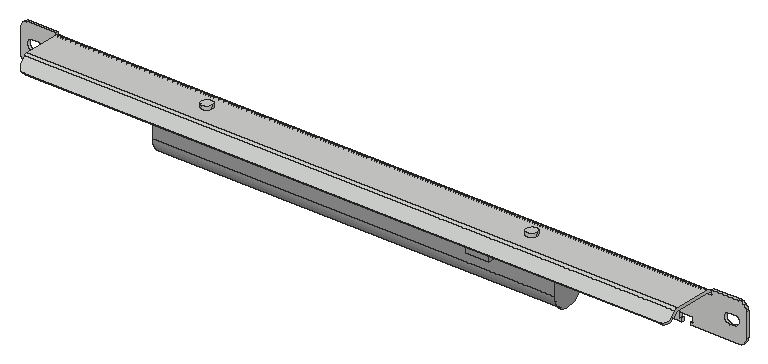
Revit family "Светильник", category Обобщенные модели, Revit 2019
Family settings
  Может служить основой для арматурных стержней = Нет
  Размер круглого соединителя = Использовать диаметр
  Тип детали = Нормальный
  На основе рабочей плоскости = Нет
  Всегда вертикально = Да
  При загрузке вырезать с полостями = Нет
  Общий = Нет
  Точка расчета площади = Нет
Parameters
  ADSK_Примечание [instance] = ""
  ADSK_Позиция [instance] = ""
  ADSK_Обозначение = ""
  ADSK_Наименование = "Панель осветительная светодиодная 19 ПО-LED-19-220 ССД"
  ADSK_Материал обозначение = "Серый RAL 7035"  # constant formula
  ADSK_Масса_Текст = ""
  ADSK_Марка = ""
  ADSK_Код изделия = "130411-00970"
  ADSK_Зона [instance] = ""
  ADSK_Завод-изготовитель = "АО СВЯЗЬСТРОЙДЕТАЛЬ"  # constant formula
  ADSK_Единица измерения = "шт"  # constant formula
  ADSK_URL страницы изделия = "https://www.ssd.ru/panel-osvetitelnaya-svetodiodnaya-19-po-led-19-220-ch-chyernaya-ssd"
  ADSK_URL документации изделия = ""
Reference planes
  plane 1 "По центру (Вперед/Назад)": y = 0
  plane 2: z = 0
  plane 3 "По центру (Влево/Вправо)": x = 0
Forms (mm)
  Extrusion 1, solid, material "RAL 7035"
    sketch origin (-1442.643, 0, -947.66) x (1, 0, 0) y (0, 0, 1)
      loop
        line (1200.643, 944.311) -> (1200.643, 928.311)
        arc (1200.643, 928.311) -> (1202.107, 924.776) -> (1205.643, 923.311) r 5
        line (1205.643, 923.311) -> (1237.643, 923.311) -> (1237.643, 925.311) -> (1236.143, 925.311) -> (1236.143, 928.711) -> (1245.143, 928.711) -> (1245.143, 925.311) -> (1243.643, 925.311) -> (1243.643, 923.311) -> (1249.643, 923.311) -> (1249.643, 925.311) -> (1248.143, 925.311) -> (1248.143, 928.711) -> (1257.143, 928.711) -> (1257.143, 925.311) -> (1255.643, 925.311) -> (1255.643, 923.311) -> (1261.643, 923.311) -> (1261.643, 925.311) -> (1260.143, 925.311) -> (1260.143, 928.711) -> (1269.143, 928.711) -> (1269.143, 925.311) -> (1267.643, 925.311) -> (1267.643, 923.311) -> (1273.643, 923.311) -> (1273.643, 925.311) -> (1272.143, 925.311) -> (1272.143, 928.711) -> (1281.143, 928.711) -> (1281.143, 925.311) -> (1279.643, 925.311) -> (1279.643, 923.311) -> (1285.643, 923.311) -> (1285.643, 925.311) -> (1284.143, 925.311) -> (1284.143, 928.711) -> (1293.143, 928.711) -> (1293.143, 925.311) -> (1291.643, 925.311) -> (1291.643, 923.311) -> (1593.643, 923.311) -> (1593.643, 925.311) -> (1592.143, 925.311) -> (1592.143, 928.711) -> (1601.143, 928.711) -> (1601.143, 925.311) -> (1599.643, 925.311) -> (1599.643, 923.311) -> (1605.643, 923.311) -> (1605.643, 925.311) -> (1604.143, 925.311) -> (1604.143, 928.711) -> (1613.143, 928.711) -> (1613.143, 925.311) -> (1611.643, 925.311) -> (1611.643, 923.311) -> (1617.643, 923.311) -> (1617.643, 925.311) -> (1616.143, 925.311) -> (1616.143, 928.711) -> (1625.143, 928.711) -> (1625.143, 925.311) -> (1623.643, 925.311) -> (1623.643, 923.311) -> (1629.643, 923.311) -> (1629.643, 925.311) -> (1628.143, 925.311) -> (1628.143, 928.711) -> (1637.143, 928.711) -> (1637.143, 925.311) -> (1635.643, 925.311) -> (1635.643, 923.311) -> (1641.643, 923.311) -> (1641.643, 925.311) -> (1640.143, 925.311) -> (1640.143, 928.711) -> (1649.143, 928.711) -> (1649.143, 925.311) -> (1647.643, 925.311) -> (1647.643, 923.311) -> (1679.643, 923.311)
        arc (1679.643, 923.311) -> (1683.178, 924.776) -> (1684.643, 928.311) r 5
        line (1684.643, 928.311) -> (1684.643, 944.311)
        arc (1684.643, 944.311) -> (1683.178, 947.847) -> (1679.643, 949.311) r 5
        line (1679.643, 949.311) -> (1661.643, 949.311) -> (1661.643, 946.511) -> (1223.643, 946.511) -> (1223.643, 949.311) -> (1205.643, 949.311)
        arc (1205.643, 949.311) -> (1202.107, 947.847) -> (1200.643, 944.311) r 5
    from 0 to 1.5
  Extrusion 2, void
    sketch origin (0, 0, -347.66) x (1, 0, 0) y (0, 0, 1)
      loop
        line (-234, 332.811) -> (-231, 332.811)
        arc (-231, 332.811) -> (-227.5, 336.311) -> (-231, 339.811) r 3.5
        line (-231, 339.811) -> (-234, 339.811)
        arc (-234, 339.811) -> (-237.5, 336.311) -> (-234, 332.811) r 3.5
      loop
        arc (234, 332.811) -> (237.5, 336.311) -> (234, 339.811) r 3.5
        line (234, 339.811) -> (231, 339.811)
        arc (231, 339.811) -> (227.5, 336.311) -> (231, 332.811) r 3.5
        line (231, 332.811) -> (234, 332.811)
    from 0 to 1.5
  Extrusion 3, solid, material "RAL 7035"
    sketch origin (0, 1.5, -347.66) x (0, 1, 0) y (0, 0, 1)
      loop
        line (-4.288, 349.16) -> (-29.449, 349.16)
        arc (-29.449, 349.16) -> (-30.416, 348.988) -> (-31.263, 348.492) r 2.8
        line (-31.263, 348.492) -> (-37.537, 342.219) -> (-36.476, 341.158) -> (-30.254, 347.381)
        arc (-30.254, 347.381) -> (-29.875, 347.588) -> (-29.449, 347.66) r 1.3
        line (-29.449, 347.66) -> (-4.288, 347.66)
        arc (-4.288, 347.66) -> (-3.426, 347.33) -> (-3, 346.511) r 1.3
        line (-3, 346.511) -> (-1.5, 346.511)
        arc (-1.5, 346.511) -> (-2.365, 348.392) -> (-4.288, 349.16) r 2.791
    from -217 to 217
  Extrusion 4, void
    sketch origin (-31.537, -14.498, 8.536) x (1, 0, 0) y (0, 0.707107, 0.707107)
      loop
        line (-185.463, -20.113) -> (-185.463, -25.113) -> (-180.463, -25.113)
        arc (-180.463, -25.113) -> (-183.999, -23.649) -> (-185.463, -20.113) r 5
    from 3.847 to 5.347
  Extrusion 5, void
    sketch origin (31.537, -14.498, 8.536) x (-1, 0, 0) y (0, -0.707107, -0.707107)
      loop
        arc (-185.463, 20.113) -> (-183.999, 23.649) -> (-180.463, 25.113) r 5
        line (-180.463, 25.113) -> (-185.463, 25.113) -> (-185.463, 20.113)
    from 3.847 to 5.347
  Extrusion 6, solid, material "Нержавеющая сталь"
    sketch origin (59.694, 0, 0) x (1, 0, 0) y (0, 1, 0)
      loop
        circle (-168.044, -13.582) r 3.5
    from 1.503 to 3.5
  Extrusion 7, solid, material "Нержавеющая сталь"
    sketch origin (-59.694, 0, 0) x (-1, 0, 0) y (0, -1, 0)
      loop
        circle (-168.044, 13.582) r 3.5
    from 1.503 to 3.5
  Extrusion 8, solid, material "Пластик белый"
    sketch origin (0, 0, 2.226) x (0, 1, 0) y (0, 0, 1)
      loop
        line (-4.5, -23.476) -> (-4.5, -8.276) -> (-6.46, -7.677) -> (-6.46, -5.677) -> (-4.5, -5.078) -> (-4.5, -4.278) -> (-26.5, -4.278) -> (-26.5, -5.078) -> (-24.54, -5.677) -> (-24.54, -7.677) -> (-26.5, -8.276) -> (-26.5, -23.476)
        arc (-26.5, -23.476) -> (-15.5, -34.476) -> (-4.5, -23.476) r 11
    from -134 to 134
  Extrusion 9, solid, material "Пластик белый"
    sketch origin (0, 0, 0) x (1, 0, 0) y (0, 0, 1)
      loop
        line (-138, -6.501) -> (-138, -14.121) -> (-134, -14.121) -> (-134, -6.501) -> (-138, -6.501)
      loop
        line (144, -6.501) -> (134, -6.501) -> (134, -14.121) -> (144, -14.121) -> (144, -6.501)
    from 8.5 to 22.5
  Extrusion 10, solid, material "Пластик белый"
    sketch origin (0, 0, 0) x (1, 0, 0) y (0, 0, 1)
      loop
        line (79, -2.051) -> (79, -12.121) -> (94, -12.121) -> (94, -2.051) -> (79, -2.051)
    from 24.54 to 31.5
  Extrusion 11, solid
    sketch origin (0, 0, 0) x (1, 0, 0) y (0, 1, 0)
      loop
        circle (-108.327, -13.582) r 2.5
    from -2.051 to 0
  Extrusion 12, solid
    sketch origin (0, 0, 0) x (-1, 0, 0) y (0, -1, 0)
      loop
        circle (-108.327, 13.582) r 2.5
    from -2.051 to 0
  Extrusion 13, solid, material "Нержавеющая сталь"
    sketch origin (0, 0, 0) x (0, 1, 0) y (0, 0, 1)
      loop
        line (-3.926, -6.092) -> (-5.925, -4.938)
        arc (-5.925, -4.938) -> (-6.21, -4.444) -> (-5.925, -3.949) r 0.571
        line (-5.925, -3.949) -> (-4.25, -2.982) -> (-4.25, -0.6)
        arc (-4.25, -0.6) -> (-4.426, -0.176) -> (-4.85, 0) r 0.6
        line (-4.85, 0) -> (-7.795, 0) -> (-8.67, -1.516)
        arc (-8.67, -1.516) -> (-9.165, -1.801) -> (-9.66, -1.516) r 0.571
        line (-9.66, -1.516) -> (-10.535, 0) -> (-20.465, 0) -> (-21.34, -1.516)
        arc (-21.34, -1.516) -> (-21.835, -1.801) -> (-22.33, -1.516) r 0.571
        line (-22.33, -1.516) -> (-23.205, 0) -> (-26.15, 0)
        arc (-26.15, 0) -> (-26.574, -0.176) -> (-26.75, -0.6) r 0.6
        line (-26.75, -0.6) -> (-26.75, -2.982) -> (-25.075, -3.949)
        arc (-25.075, -3.949) -> (-24.79, -4.444) -> (-25.075, -4.938) r 0.571
        line (-25.075, -4.938) -> (-27.074, -6.092) -> (-27.757, -6.775) -> (-24.95, -5.155)
        arc (-24.95, -5.155) -> (-24.54, -4.444) -> (-24.95, -3.732) r 0.821
        line (-24.95, -3.732) -> (-26.5, -2.838) -> (-26.5, -0.25) -> (-23.349, -0.25) -> (-22.546, -1.641)
        arc (-22.546, -1.641) -> (-21.835, -2.051) -> (-21.124, -1.641) r 0.821
        line (-21.124, -1.641) -> (-20.321, -0.25) -> (-10.679, -0.25) -> (-9.876, -1.641)
        arc (-9.876, -1.641) -> (-9.165, -2.051) -> (-8.454, -1.641) r 0.821
        line (-8.454, -1.641) -> (-7.651, -0.25) -> (-4.5, -0.25) -> (-4.5, -2.838) -> (-6.05, -3.732)
        arc (-6.05, -3.732) -> (-6.46, -4.444) -> (-6.05, -5.155) r 0.821
        line (-6.05, -5.155) -> (-3.243, -6.775) -> (-3.926, -6.092)
    from 103.5 to 113.5
  Extrusion 14, solid, material "Нержавеющая сталь"
    sketch origin (0, 0, 0) x (0, 1, 0) y (0, 0, -1)
      loop
        line (-3.926, 6.092) -> (-3.243, 6.775) -> (-6.05, 5.155)
        arc (-6.05, 5.155) -> (-6.46, 4.444) -> (-6.05, 3.732) r 0.821
        line (-6.05, 3.732) -> (-4.5, 2.838) -> (-4.5, 0.25) -> (-7.651, 0.25) -> (-8.454, 1.641)
        arc (-8.454, 1.641) -> (-9.165, 2.051) -> (-9.876, 1.641) r 0.821
        line (-9.876, 1.641) -> (-10.679, 0.25) -> (-20.321, 0.25) -> (-21.124, 1.641)
        arc (-21.124, 1.641) -> (-21.835, 2.051) -> (-22.546, 1.641) r 0.821
        line (-22.546, 1.641) -> (-23.349, 0.25) -> (-26.5, 0.25) -> (-26.5, 2.838) -> (-24.95, 3.732)
        arc (-24.95, 3.732) -> (-24.54, 4.444) -> (-24.95, 5.155) r 0.821
        line (-24.95, 5.155) -> (-27.757, 6.775) -> (-27.074, 6.092) -> (-25.075, 4.938)
        arc (-25.075, 4.938) -> (-24.79, 4.444) -> (-25.075, 3.949) r 0.571
        line (-25.075, 3.949) -> (-26.75, 2.982) -> (-26.75, 0.6)
        arc (-26.75, 0.6) -> (-26.574, 0.176) -> (-26.15, 0) r 0.6
        line (-26.15, 0) -> (-23.205, 0) -> (-22.33, 1.516)
        arc (-22.33, 1.516) -> (-21.835, 1.801) -> (-21.34, 1.516) r 0.571
        line (-21.34, 1.516) -> (-20.465, 0) -> (-10.535, 0) -> (-9.66, 1.516)
        arc (-9.66, 1.516) -> (-9.165, 1.801) -> (-8.67, 1.516) r 0.571
        line (-8.67, 1.516) -> (-7.795, 0) -> (-4.85, 0)
        arc (-4.85, 0) -> (-4.426, 0.176) -> (-4.25, 0.6) r 0.6
        line (-4.25, 0.6) -> (-4.25, 2.982) -> (-5.925, 3.949)
        arc (-5.925, 3.949) -> (-6.21, 4.444) -> (-5.925, 4.938) r 0.571
        line (-5.925, 4.938) -> (-3.926, 6.092)
    from 103.5 to 113.5
Cuts and joins
  Extrusion 2 cuts Extrusion 1
  Extrusion 4, Extrusion 5 cuts Extrusion 3
Dimensions and locks
  aligned and locked: level to plane 2
